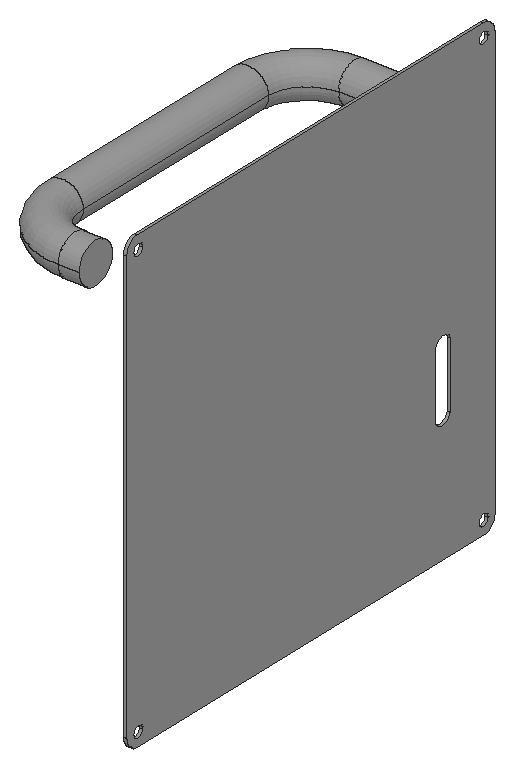
Revit family "TH 120 BP", category Specialty Equipment, Revit 2012
Parameters
  Type Comments = "DORMA TH120/BP"
  Model = "TH120/BP"
  Manufacturer = "DORMA"
  Description = "DORMA TH120/BP"
Reference planes
  plane 1 "Center (Front/Back)": y = 0
  plane 2: z = 0
  plane 3 "Center (Left/Right)": x = 0
Forms (mm)
  Sweep 1, solid, material "Matt chrome"
    path origin (-3.325, 0, 0) x (1, 0, 0) y (0, 1, 0)
      loop
        line (-16.544, 0) -> (-48.5, 0)
        arc (-48.5, 0) -> (-64.056, -6.444) -> (-70.5, -22) r 22
        line (-70.5, -22) -> (-70.5, -107.77)
        arc (-70.5, -107.77) -> (-63.989, -123.489) -> (-48.27, -130) r 22.23
        line (-48.27, -130) -> (-40.5, -130)
    profile origin (-35.847, 0, 0) x (0, -1, 0) y (0, 0, 1)
      loop
        circle (0, 0) r 7.5
  Sweep 2, solid, material "Matt chrome"
    path origin (6.787, 0, 0) x (1, 0, 0) y (0, 1, 0)
      loop
        line (-26.655, 12.113) -> (-25.5, 12.113)
    profile origin (-19.291, 12.113, 0) x (0, 1, 0) y (0, 0, 1)
      loop
        arc (11.13, 18.35) -> (9.665, 21.885) -> (6.13, 23.35) r 5
        line (6.13, 23.35) -> (-153.87, 23.35)
        arc (-153.87, 23.35) -> (-157.406, 21.885) -> (-158.87, 18.35) r 5
        line (-158.87, 18.35) -> (-158.87, -141.65)
        arc (-158.87, -141.65) -> (-157.406, -145.186) -> (-153.87, -146.65) r 5
        line (-153.87, -146.65) -> (6.13, -146.65)
        arc (6.13, -146.65) -> (9.665, -145.186) -> (11.13, -141.65) r 5
        line (11.13, -141.65) -> (11.13, 18.35)
      loop
        circle (6.13, -141.65) r 2.206
      loop
        circle (-153.87, -141.65) r 2.206
      loop
        circle (-153.87, 18.35) r 2.206
      loop
        circle (6.13, 18.35) r 2.206
      loop
        line (-8.945, -99.316) -> (-8.945, -74.684)
        arc (-8.945, -74.684) -> (-12.74, -72) -> (-16.535, -74.684) r 4.025
        line (-16.535, -74.684) -> (-16.535, -99.316)
        arc (-16.535, -99.316) -> (-12.74, -102) -> (-8.945, -99.316) r 4.025
Dimensions and locks
  aligned and locked: level to plane 2
